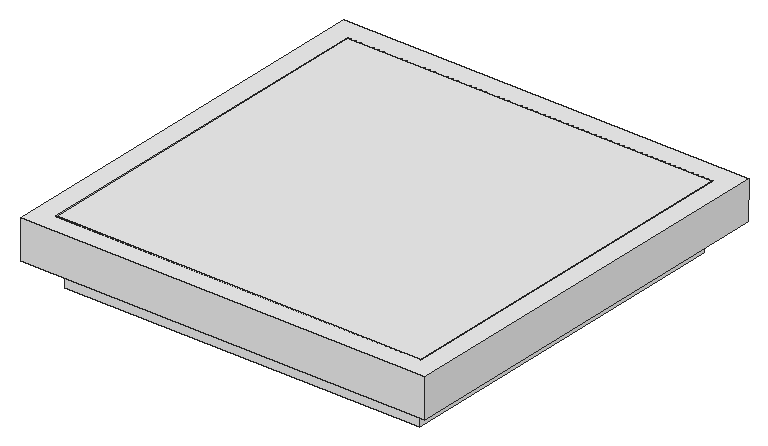
Revit family "TYBIA LED 38W-NW", category Lighting Fixtures, host Face, Revit 2015
Parameters (values of type "KANLUX TYBIA LED 38W-NW 24640 LED 4000K 110° 3500lm aluminium")
  Wattage = 38 W
  built-in parameter 1150110 = 1 (stored number, unit not read)
  built-in parameter 1114217 = 1 (stored number, unit not read)
  Tilt Angle = 90.00°  # constant formula
  built-in parameter 1150109 = 1 (stored number, unit not read)
  built-in parameter 1150134 = 12
  Szerokość = 410 mm  # constant formula
  built-in parameter 1150113 = 1 (stored number, unit not read)
  Photometric Web File = "TYBIA LED 38W-NW.ies"
  Materiał klosz = KANLUX - klosz - tworzywo sztuczne (PMMA)
  built-in parameter 1150105 = 278.54 (stored number, unit not read)
  Lumens = 3500.18 lm
  built-in parameter 1150115 = 1 (stored number, unit not read)
  built-in parameter 1150137 = (empty or 0)
  built-in parameter 1150139 = (empty or 0)
  built-in parameter 1150112 = 1 (stored number, unit not read)
  built-in parameter 1150114 = 1 (stored number, unit not read)
  Kąt rozsyłu = "110°"
  Kod = "24640"
  Keynote = ""
  built-in parameter 1150132 = (empty or 0)
  built-in parameter 1150102 = (empty or 0)
  built-in parameter 1150107 = 4000 (stored number, unit not read)
  built-in parameter 1150138 = (empty or 0)
  built-in parameter 1150106 = 2.7854 (stored number, unit not read)
  Emit from Rectangle Width = Szerokość - 40 mm  # 370 mm
  Emit from Rectangle Length = Długość - 40 mm  # 370 mm
  Emit Shape Visible in Rendering = yes
  built-in parameter 1150104 = 8.5573 (stored number, unit not read)
  Wysokość = 65 mm  # constant formula
  Współczynnik mocy = 1
  URL = "www.kanlux.pl"
  Manufacturer = "KANLUX"  # constant formula
  Długość = 410 mm  # constant formula
  Dimming Lamp Color Temperature Shift = <None>
  Color Filter = 16777215
  built-in parameter 1114218 = 1 (stored number, unit not read)
  built-in parameter 1150133 = 10 (stored number, unit not read)
  Apparent Load = Moc oprawy / Współczynnik mocy  # 38 VA
  Model = "TYBIA LED 38W-NW"
  Wattage Comments = "38"
  Moc oprawy = 38 W
  Materiał obudowa = KANLUX - obudowa - aluminium
  Lamp = "LED"
  Klasyfikacja obciążenia = Oświetlenie
  IP = "IP20"  # constant formula
  Default Elevation = 0 mm
Reference planes
  plane 1 "Środek (Przód/Tył)": y = 0
  plane 2: z = 0
  plane 3 "Środek (Lewa/Prawa)": x = 0
  plane 4: x = 205
  plane 5: x = -205
  plane 6: x = -180
  plane 7: x = 180
  plane 8: z = 65
  plane 9: y = 205
  plane 10: y = -205
  plane 11: y = 180
  plane 12: y = -180
  plane 13: z = 26
  plane 14: x = -185
  plane 15: x = 185
  plane 16: y = 185
  plane 17: y = -185
  plane 18: z = 62
Forms (mm)
  Extrusion 1, solid, material "KANLUX - obudowa - aluminium" <- "Materiał obudowa"
    sketch origin (530.005, -4572, 100) x (0, -1, 0) y (1, 0, 0)
      loop
        line (-4777, -735.005) -> (-4367, -735.005) -> (-4367, -325.005) -> (-4777, -325.005) -> (-4777, -735.005)
    from -74 to -35
  Extrusion 2, solid, material "KANLUX - obudowa - aluminium" <- "Materiał obudowa"
    sketch origin (530.005, -4572, 100) x (0, -1, 0) y (1, 0, 0)
      loop
        line (-4392, -350.005) -> (-4752, -350.005) -> (-4752, -710.005) -> (-4392, -710.005) -> (-4392, -350.005)
    from -100 to -74
  Extrusion 3, void
    sketch origin (530.005, -4572, 100) x (0, -1, 0) y (1, 0, 0)
      loop
        line (-4387, -715.005) -> (-4387, -345.005) -> (-4757, -345.005) -> (-4757, -715.005) -> (-4387, -715.005)
    from -38 to -35
  Extrusion 4, solid, material "KANLUX - klosz - tworzywo sztuczne (PMMA)" <- "Materiał klosz"
    sketch origin (530.005, -4572, 100) x (0, -1, 0) y (1, 0, 0)
      loop
        line (-4387, -715.005) -> (-4387, -345.005) -> (-4757, -345.005) -> (-4757, -715.005) -> (-4387, -715.005)
    from -38 to -35
Cuts and joins
  Extrusion 3 cuts Extrusion 1
  joined: Extrusion 1, Extrusion 2
Dimensions and locks
  "Wysokość": plane 8 to host face
  "Długość": plane 5 to plane 4
  equal spacing: plane 5, plane 3 "Środek (Lewa/Prawa)", plane 4
  locked: plane 5 to plane 6 at 25
  locked: plane 7 to plane 4 at 25
  "Szerokość": plane 9 to plane 10
  equal spacing: plane 9, plane 1 "Środek (Przód/Tył)", plane 10
  locked: plane 9 to plane 11 at 25
  locked: plane 10 to plane 12 at 25
  locked: plane 13 to host face at 26
  locked: plane 5 to plane 14 at 20
  locked: plane 15 to plane 4 at 20
  locked: plane 9 to plane 16 at 20
  plane 10 to plane 17 = 20 mm
  locked: plane 8 to plane 18 at 3
  aligned and locked: plane 2 to host face
  aligned and locked: level to host face
  aligned and locked: plane 3 "Środek (Lewa/Prawa)" to imposter light
  aligned and locked: imposter light to plane 1 "Środek (Przód/Tył)"
  aligned and locked: plane 8 to imposter light
  aligned and locked: plane 9 to Extrusion 1 sketch curve
  aligned and locked: Extrusion 1 sketch curve to plane 5
  aligned and locked: plane 10 to Extrusion 1 sketch curve
  aligned and locked: Extrusion 1 sketch curve to plane 4
  aligned and locked: plane 13 to Extrusion 1
  aligned and locked: Extrusion 1 to imposter light
  aligned and locked: Extrusion 2 to plane 2
  aligned and locked: Extrusion 2 to plane 13
  aligned and locked: plane 18 to Extrusion 3
  aligned and locked: Extrusion 3 to plane 8
  aligned and locked: plane 18 to Extrusion 4
  aligned and locked: Extrusion 4 to imposter light
  aligned and locked: Extrusion 4 sketch curve to plane 16
  aligned and locked: plane 15 to Extrusion 4 sketch curve
  aligned and locked: Extrusion 4 sketch curve to plane 17
  aligned and locked: plane 14 to Extrusion 4 sketch curve
  aligned and locked: Extrusion 3 sketch curve to plane 16
  aligned and locked: plane 15 to Extrusion 3 sketch curve
  aligned and locked: Extrusion 3 sketch curve to plane 17
  aligned and locked: plane 14 to Extrusion 3 sketch curve
  aligned and locked: Extrusion 2 sketch curve to plane 12
  aligned and locked: plane 6 to Extrusion 2 sketch curve
  aligned and locked: Extrusion 2 sketch curve to plane 11
  aligned and locked: plane 7 to Extrusion 2 sketch curve
Automatic sketch dimensions
  host sketch curve to host sketch curve = 2438.4 mm  (x2)
Connectors
  electrical at (0, 0, 0), driven by "Apparent Load", driven by "Współczynnik mocy", driven by "Klasyfikacja obciążenia"
    settings: on host face, index 1, voltage 230 V, apparent load 38 VA, apparent load phase1 0 VA, apparent load phase2 0 VA, apparent load phase3 0 VA, power factor 1, load classification "Oświetlenie", number of poles 1, system type 30, power factor state 1, is connector primary yes, connector utility no, sub classification motor no, connector description ""
